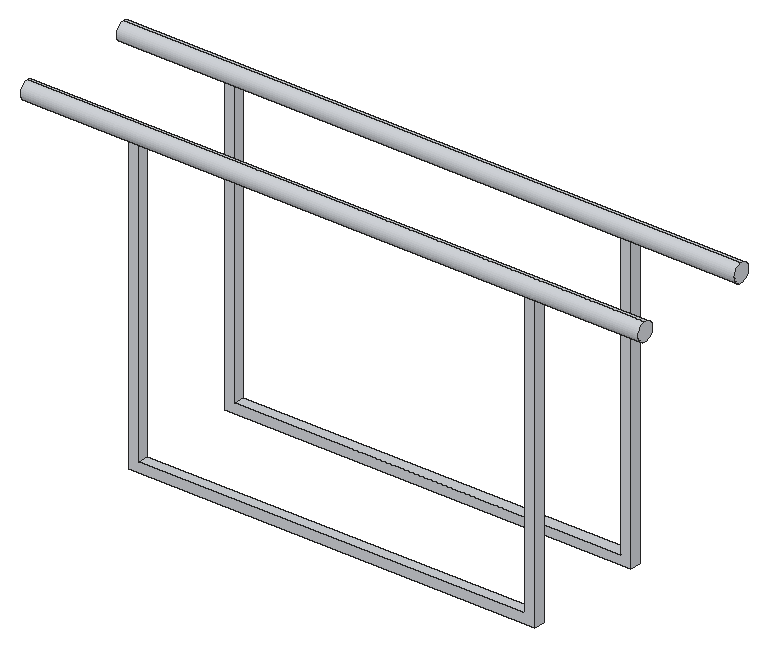
Revit family "АВЛН_Брусья", category Мебель, Revit 2019
Family settings
  Номер OmniClass = 23.40.20.00
  Заголовок OmniClass = General Furniture and Specialties
  На основе рабочей плоскости = Нет
  Всегда вертикально = Да
  При загрузке вырезать с полостями = Нет
  Общий = Нет
  Точка расчета площади = Нет
Parameters (values of type "Брусья гимнастические")
  Описание = "Брусья гимнастические универсальные\r\nДхШхВ 350х38(58)х115(175)см"
  Type Comments = ""
  Keynote = ""
  Manufacturer = ""
  Группа модели = "Оборудование Спортивной зоны"
  ADSK_Размер_Ширина = 780 mm
  ADSK_Размер_Длина = 3500 mm
  ADSK_Размер_Высота = 1750 mm
  ADSK_Обозначение = ""
  ADSK_Масса = 0
  ADSK_Код изделия = ""
  ADSK_Единица измерения = "шт"  # constant formula
Reference planes
  plane 1 "По центру (Вперед/Назад)": y = 0
  plane 2: z = 0
  plane 3 "По центру (Влево/Вправо)": x = 0
  plane 4: z = 1750
  plane 5: y = 390
  plane 6: x = 1750
  plane 7: x = -1750
  plane 8: y = -390
Forms (mm)
  Sweep 1, solid
    path origin (0, 0, 0) x (1, 0, 0) y (0, 0, 1)
      loop
        line (-1750, 1750) -> (1750, 1750)
    profile origin (0, 0, 1750) x (0, 0, 1) y (0, -1, 0)
      loop
        circle (-50, 340) r 50
  Sweep 2, solid
    path origin (0, 340, 0) x (1, 0, 0) y (0, 0, 1)
      loop
        line (-1750, 1750) -> (1750, 1750)
    profile origin (0, 340, 1750) x (0, 0, 1) y (0, -1, 0)
      loop
        circle (-50, 0) r 50
  Sweep 3, solid
    path origin (0, 0, 0) x (1, 0, 0) y (0, 0, 1)
      loop
        line (1150, 1680) -> (1150, 0) -> (-1150, 0) -> (-1150, 1680)
    profile origin (1150, 0, 840) x (0, -1, 0) y (1, 0, 0)
      loop
        line (371.134, 0) -> (311.134, 0) -> (311.134, -55) -> (371.134, -55) -> (371.134, 0)
  Sweep 4, solid
    path origin (0, 680, 0) x (1, 0, 0) y (0, 0, 1)
      loop
        line (1150, 1700) -> (1150, 0) -> (-1150, 0) -> (-1150, 1700)
    profile origin (1150, 680, 850) x (0, -1, 0) y (1, 0, 0)
      loop
        line (371.134, 0) -> (311.134, 0) -> (311.134, -55) -> (371.134, -55) -> (371.134, 0)
Dimensions and locks
  plane 2 to plane 4 = 1750 mm
  equal spacing: plane 8, plane 1 "По центру (Вперед/Назад)", plane 5
  equal spacing: plane 7, plane 3 "По центру (Влево/Вправо)", plane 6
  "ADSK_Размер_Длина": plane 7 to plane 6
  "ADSK_Размер_Ширина": plane 5 to plane 8
  "ADSK_Размер_Высота": plane 2 to plane 4
  aligned and locked: level to plane 2
  aligned and locked: plane 6 to Sweep 1 sketch curve
  aligned and locked: plane 7 to Sweep 1 sketch curve
  aligned and locked: Sweep 1 sketch curve to plane 4
  aligned and locked: Sweep 3 sketch curve to level
Automatic sketch dimensions
  profile plane to Sweep 1 sketch curve = 50 mm
  plane 1 "По центру (Вперед/Назад)" to Sweep 1 sketch curve = 340 mm
  Sweep 2 sketch curve to plane 4 = 0 mm
  Sweep 2 sketch curve to plane 7 = 0 mm
  Sweep 2 sketch curve to plane 6 = 0 mm
  Sweep 2 sketch curve to profile plane = 0 mm
  profile plane to Sweep 2 sketch curve = 50 mm
  Sweep 3 sketch curve to profile plane = 0 mm
  plane 1 "По центру (Вперед/Назад)" to Sweep 3 sketch curve = 311.134 mm
  Sweep 3 sketch curve to Sweep 3 sketch curve = 60 mm
  profile plane to Sweep 3 sketch curve = 55 mm
  Sweep 4 sketch curve to profile plane = 0 mm
  profile plane to Sweep 4 sketch curve = 311.134 mm
  Sweep 4 sketch curve to Sweep 4 sketch curve = 60 mm
  profile plane to Sweep 4 sketch curve = 55 mm
  plane 7 to Sweep 3 sketch curve = 600 mm
  Sweep 3 sketch curve to plane 6 = 600 mm
  plane 4 to Sweep 3 sketch curve = 70 mm  (x2)
  Sweep 4 sketch curve to level = 0 mm
  plane 7 to Sweep 4 sketch curve = 600 mm
  Sweep 4 sketch curve to plane 6 = 600 mm
  plane 4 to Sweep 4 sketch curve = 50 mm  (x2)
  radius of Sweep 1 sketch curve = 50 mm
  radius of Sweep 2 sketch curve = 50 mm
